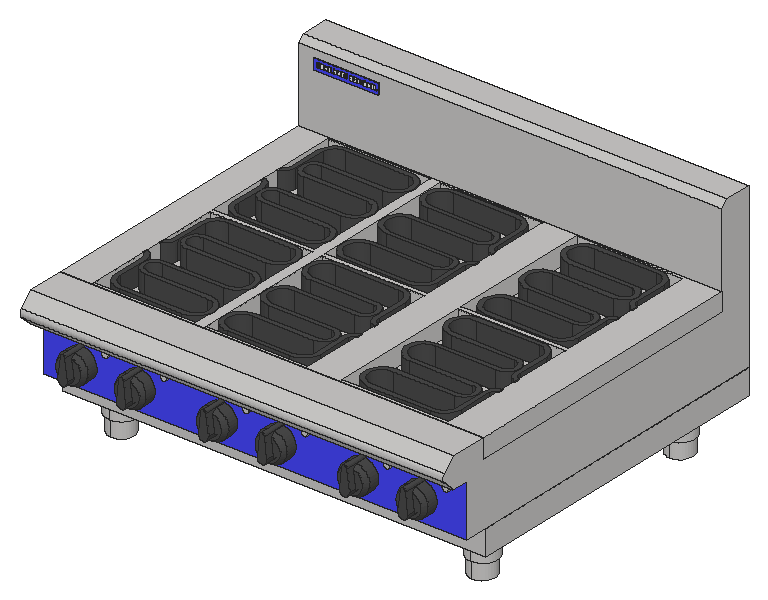
Revit family "QF_MOFFAT_BLUESEAL_CE_E516D-B", category Specialty Equipment, Revit 2012
Parameters
  Width [instance] = 900.0 mm  # constant formula
  Weight in Pounds = 198  # constant formula
  Watts = 14400 W
  Volts = 400 V
  URL Cutsheet = "www.moffat.com"
  URL = "www.moffat.com"
  Type Mark [instance] = ""
  Status [instance] = ""
  Specification by User [instance] = ""
  Specification by Manufacturer = ""
  Show Logo [instance] = yes
  Serial Number = ""
  Seismic Rating = ""
  SMACNA No = ""
  Revision Code [instance] = ""
  Phase = 3
  Omniclass Number and Title = ""
  Number of Poles = 1
  NAFEM Spec ID Number = ""
  Model = "E516D-B"
  Min Ckt Ampacity = 0 A
  Max Overcurrent Protection = 0 A
  Masterspec = ""
  Manufacturer = "MOFFAT BLUESEAL"
  Item Number [instance] = ""
  Installed By [instance] = ""
  Identify Quantity as Lot [instance] = yes
  Height [instance] = 370.0 mm  # constant formula
  HP = ""
  Furnished By [instance] = ""
  Foodservice Equipment Identifier [instance] = yes
  FL Amps = 20 A
  Electrical Remarks = "20A PER PHASE"
  Elec Conn RI Height = 0.0 mm
  Elec Conn Connection Height = 0.0 mm
  Description = "900MM ELECTRIC COOK TOP BENCH MOUNT"
  Depth [instance] = 812.0 mm  # constant formula
  Cycle = 50 Hz
  Conn Plug = ""
  Conn Conduit = yes
  CSI MasterFormat = ""
  CSI Master Format = ""
  Base Height [instance] = 85.0 mm
  Apparent Power = if(Phase = 3, Volts * FL Amps * 1.73, Volts * FL Amps)  # 13840 VA
Reference planes
  plane 1 "BACK": y = 0
  plane 2: z = 0
  plane 3 "LEFT": x = 0
  plane 4 "RIGHT": x = 900
  plane 5 "FRONT": y = -812
  plane 6 "TOP": z = 375
  plane 7 "Center Y": x = 450
  plane 8 "Center X": y = -406
  plane 9 "Base Height": z = 85
  plane 10: z = 485
  plane 11: y = -100
  plane 12: y = -625
  plane 13: x = 834.5
  plane 14: x = 65.5
Forms (mm)
  Extrusion 1, solid, material "QF_Finishes_Stainless Steel"
    sketch origin (0, 0, 0) x (0, 1, 0) y (0, 0, 1)
      loop
        line (0, 140) -> (0, 485) -> (-57.5, 485) -> (-70, 472.5) -> (-70, 275) -> (-705, 275) -> (-705, 315) -> (-783.97, 315) -> (-808.485, 290.485)
        arc (-808.485, 290.485) -> (-811.999, 282) -> (-808.485, 273.515) r 12
        line (-808.485, 273.515) -> (-784.97, 250) -> (-749, 250) -> (-749, 140) -> (0, 140)
      loop
        line (0, 85) -> (0, 139.206) -> (-699, 139.206) -> (-699, 85) -> (0, 85)
    from 0 to 900
  Revolve 2, solid, material "QF_Finishes_Stainless Steel"
    sketch origin (65.5, -210, 0) x (0, 1, 0) y (0, 0, 1)
      loop
        line (78.25, 85) -> (78.25, 35) -> (82.5, 35) -> (82.5, 0) -> (110, 0) -> (110, 85) -> (78.25, 85)
      axis (110, 85) -> (110, 0)
    angle from 0 to 360
  Extrusion 3, void
    sketch origin (0, -706, 139.206) x (0, 1, 0) y (-1, 0, 0)
      loop
        circle (674, -770) r 13.5
    from 0 to -86.704
  Revolve 4, solid, material "QF_Finishes_Black"
    sketch origin (87.5, 7, -6.7) x (0, 1, 0) y (0, 0, -1)
      loop
        line (-789, -234.5) -> (-766, -234.5) -> (-766, -207) -> (-756, -207) -> (-756, -202) -> (-800, -202) -> (-800, -228.651) -> (-789, -234.5)
      axis (-800, -202) -> (-756, -202)
    angle from 0 to 360
  Extrusion 5, solid, material "QF_Finishes_Black"
    sketch origin (225.77, 0, -6.542) x (-1, 0, 0) y (0, 0, -1)
      loop
        line (143.268, -233.955) -> (148.757, -189.87)
        arc (148.757, -189.87) -> (137.685, -179.371) -> (127.85, -191.037) r 10.487
        line (127.85, -191.037) -> (133.271, -233.955)
        arc (133.271, -233.955) -> (138.27, -238.842) -> (143.268, -233.955) r 5
    from 759 to 808
  Revolve 6, solid, material "QF_Finishes_Stainless Steel"
    sketch origin (65.5, -728, 0) x (0, 1, 0) y (0, 0, 1)
      loop
        line (71.25, 85) -> (71.25, 35) -> (75.5, 35) -> (75.5, 0) -> (103, 0) -> (103, 85) -> (71.25, 85)
      axis (103, 85) -> (103, 0)
    angle from 0 to 360
  Extrusion 7, solid, material "QF_Finishes_Stainless Steel"
    sketch origin (0, -706, 139.206) x (0, 1, 0) y (-1, 0, 0)
      loop
        circle (675, -769.75) r 6.35
    from 0 to -24.206
  Extrusion 8, solid, material "QF_Finishes_Stainless Steel"
    sketch origin (0, -749, 250) x (0, 0, -1) y (1, 0, 0)
      loop
        circle (24.7, 132.5) r 7.15
      loop
        circle (24.7, 257.5) r 7.15
      loop
        circle (24.7, 432.5) r 7.15
      loop
        circle (24.7, 557.5) r 7.15
      loop
        circle (24.7, 732.5) r 7.15
      loop
        circle (24.7, 857.5) r 7.15
    from 0 to 3.2
  Revolve 9, solid, material "QF_Finishes_Stainless Steel"
    sketch origin (834.5, -210, 0) x (0, 1, 0) y (0, 0, -1)
      loop
        line (78.25, -85) -> (110, -85) -> (110, 0) -> (82.5, 0) -> (82.5, -35) -> (78.25, -35) -> (78.25, -85)
      axis (110, -85) -> (110, 0)
    angle from 0 to 360
  Revolve 10, solid, material "QF_Finishes_Stainless Steel"
    sketch origin (834.5, -728, 0) x (0, 1, 0) y (0, 0, -1)
      loop
        line (71.25, -85) -> (103, -85) -> (103, 0) -> (75.5, 0) -> (75.5, -35) -> (71.25, -35) -> (71.25, -85)
      axis (103, -85) -> (103, 0)
    angle from 0 to 360
  Revolve 11, solid, material "QF_Finishes_Black"
    sketch origin (211.766, 7, -6.7) x (0, 1, 0) y (0, 0, -1)
      loop
        line (-789, -234.5) -> (-766, -234.5) -> (-766, -207) -> (-756, -207) -> (-756, -202) -> (-800, -202) -> (-800, -228.651) -> (-789, -234.5)
      axis (-800, -202) -> (-756, -202)
    angle from 0 to 360
  Extrusion 12, solid, material "QF_Finishes_Black"
    sketch origin (350.035, 0, -6.542) x (-1, 0, 0) y (0, 0, -1)
      loop
        line (143.268, -233.955) -> (148.757, -189.87)
        arc (148.757, -189.87) -> (137.685, -179.371) -> (127.85, -191.037) r 10.487
        line (127.85, -191.037) -> (133.271, -233.955)
        arc (133.271, -233.955) -> (138.27, -238.842) -> (143.268, -233.955) r 5
    from 759 to 808
  Revolve 13, solid, material "QF_Finishes_Black"
    sketch origin (386.766, 7, -6.7) x (0, 1, 0) y (0, 0, -1)
      loop
        line (-789, -234.5) -> (-766, -234.5) -> (-766, -207) -> (-756, -207) -> (-756, -202) -> (-800, -202) -> (-800, -228.651) -> (-789, -234.5)
      axis (-800, -202) -> (-756, -202)
    angle from 0 to 360
  Revolve 14, solid, material "QF_Finishes_Black"
    sketch origin (511.766, 7, -6.7) x (0, 1, 0) y (0, 0, -1)
      loop
        line (-789, -234.5) -> (-766, -234.5) -> (-766, -207) -> (-756, -207) -> (-756, -202) -> (-800, -202) -> (-800, -228.651) -> (-789, -234.5)
      axis (-800, -202) -> (-756, -202)
    angle from 0 to 360
  Revolve 15, solid, material "QF_Finishes_Black"
    sketch origin (686.766, 7, -6.7) x (0, 1, 0) y (0, 0, -1)
      loop
        line (-789, -234.5) -> (-766, -234.5) -> (-766, -207) -> (-756, -207) -> (-756, -202) -> (-800, -202) -> (-800, -228.651) -> (-789, -234.5)
      axis (-800, -202) -> (-756, -202)
    angle from 0 to 360
  Revolve 16, solid, material "QF_Finishes_Black"
    sketch origin (811.766, 7, -6.7) x (0, 1, 0) y (0, 0, -1)
      loop
        line (-789, -234.5) -> (-766, -234.5) -> (-766, -207) -> (-756, -207) -> (-756, -202) -> (-800, -202) -> (-800, -228.651) -> (-789, -234.5)
      axis (-800, -202) -> (-756, -202)
    angle from 0 to 360
  Extrusion 17, solid, material "QF_Finishes_Black"
    sketch origin (525.035, 0, -6.542) x (-1, 0, 0) y (0, 0, -1)
      loop
        line (143.268, -233.955) -> (148.757, -189.87)
        arc (148.757, -189.87) -> (137.685, -179.371) -> (127.85, -191.037) r 10.487
        line (127.85, -191.037) -> (133.271, -233.955)
        arc (133.271, -233.955) -> (138.27, -238.842) -> (143.268, -233.955) r 5
    from 759 to 808
  Extrusion 18, solid, material "QF_Finishes_Black"
    sketch origin (650.035, 0, -6.542) x (-1, 0, 0) y (0, 0, -1)
      loop
        line (143.268, -233.955) -> (148.757, -189.87)
        arc (148.757, -189.87) -> (137.685, -179.371) -> (127.85, -191.037) r 10.487
        line (127.85, -191.037) -> (133.271, -233.955)
        arc (133.271, -233.955) -> (138.27, -238.842) -> (143.268, -233.955) r 5
    from 759 to 808
  Extrusion 19, solid, material "QF_Finishes_Black"
    sketch origin (825.035, 0, -6.542) x (-1, 0, 0) y (0, 0, -1)
      loop
        line (143.268, -233.955) -> (148.757, -189.87)
        arc (148.757, -189.87) -> (137.685, -179.371) -> (127.85, -191.037) r 10.487
        line (127.85, -191.037) -> (133.271, -233.955)
        arc (133.271, -233.955) -> (138.27, -238.842) -> (143.268, -233.955) r 5
    from 759 to 808
  Extrusion 20, solid, material "QF_Finishes_Black"
    sketch origin (950.035, 0, -6.542) x (-1, 0, 0) y (0, 0, -1)
      loop
        line (143.268, -233.955) -> (148.757, -189.87)
        arc (148.757, -189.87) -> (137.685, -179.371) -> (127.85, -191.037) r 10.487
        line (127.85, -191.037) -> (133.271, -233.955)
        arc (133.271, -233.955) -> (138.27, -238.842) -> (143.268, -233.955) r 5
    from 759 to 808
Cuts and joins
  joined: Revolve 4, Extrusion 5
  Extrusion 3 cuts Extrusion 1
Lines and regions (mm)
  Split face 1
    outline origin (900, 0, 485) x (-1, 0, 0) y (0, -1, 0)
      loop
        arc (856, 18.385) -> (864.66, 23.385) -> (864.66, 33.385) r 10
        line (864.66, 33.385) -> (860.619, 40.385)
        arc (860.619, 40.385) -> (856.959, 44.045) -> (851.959, 45.385) r 10
        line (851.959, 45.385) -> (624, 45.385)
        arc (624, 45.385) -> (615.34, 40.385) -> (615.34, 30.385) r 10
        line (615.34, 30.385) -> (619.381, 23.385)
        arc (619.381, 23.385) -> (623.041, 19.725) -> (628.041, 18.385) r 10
        line (628.041, 18.385) -> (856, 18.385)
  Split face 2
    outline origin (900, 0, 485) x (-1, 0, 0) y (0, -1, 0)
      loop
        arc (276, 18.385) -> (284.66, 23.385) -> (284.66, 33.385) r 10
        line (284.66, 33.385) -> (280.619, 40.385)
        arc (280.619, 40.385) -> (276.959, 44.045) -> (271.959, 45.385) r 10
        line (271.959, 45.385) -> (44, 45.385)
        arc (44, 45.385) -> (35.34, 40.385) -> (35.34, 30.385) r 10
        line (35.34, 30.385) -> (39.381, 23.385)
        arc (39.381, 23.385) -> (43.041, 19.725) -> (48.041, 18.385) r 10
        line (48.041, 18.385) -> (276, 18.385)
  Split face 3
    outline origin (900, 0, 485) x (-1, 0, 0) y (0, -1, 0)
      loop
        arc (566, 18.385) -> (574.66, 23.385) -> (574.66, 33.385) r 10
        line (574.66, 33.385) -> (570.619, 40.385)
        arc (570.619, 40.385) -> (566.959, 44.045) -> (561.959, 45.385) r 10
        line (561.959, 45.385) -> (334, 45.385)
        arc (334, 45.385) -> (325.34, 40.385) -> (325.34, 30.385) r 10
        line (325.34, 30.385) -> (329.381, 23.385)
        arc (329.381, 23.385) -> (333.041, 19.725) -> (338.041, 18.385) r 10
        line (338.041, 18.385) -> (566, 18.385)
  symbolic lines
    curve 1: line (0, -812, 0) -> (900, -812, 0)
    curve 2: line (0, 0, 0) -> (0, -812, 0)
    curve 3: line (900, 0, 0) -> (0, 0, 0)
    curve 4: line (900, -812, 0) -> (900, 0, 0)
    curve 5: line (0, -57.5, 0) -> (900, -57.5, 0)
    curve 6: line (0, -70, 0) -> (900, -70, 0)
    curve 7: line (0, -783.97, 0) -> (900, -783.97, 0)
    curve 8: line (0, -705, 0) -> (900, -705, 0)
    curve 9: line (271.959, -18.385, 0) -> (44, -18.385, 0)
    curve 10: arc (44, -18.385, 0) -> (35.34, -23.385, 0) -> (35.34, -33.385, 0) r 10
    curve 11: line (35.34, -33.385, 0) -> (39.381, -40.385, 0)
    curve 12: arc (39.381, -40.385, 0) -> (43.041, -44.045, 0) -> (48.041, -45.385, 0) r 10
    curve 13: line (48.041, -45.385, 0) -> (276, -45.385, 0)
    curve 14: arc (276, -45.385, 0) -> (284.66, -40.385, 0) -> (284.66, -30.385, 0) r 10
    curve 15: line (284.66, -30.385, 0) -> (280.619, -23.385, 0)
    curve 16: arc (280.619, -23.385, 0) -> (276.959, -19.725, 0) -> (271.959, -18.385, 0) r 10
    curve 17: line (334, -18.385, 0) -> (561.959, -18.385, 0)
    curve 18: arc (561.959, -18.385, 0) -> (566.959, -19.725, 0) -> (570.619, -23.385, 0) r 10
    curve 19: line (570.619, -23.385, 0) -> (574.66, -30.385, 0)
    curve 20: arc (574.66, -30.385, 0) -> (574.66, -40.385, 0) -> (566, -45.385, 0) r 10
    curve 21: line (566, -45.385, 0) -> (338.041, -45.385, 0)
    curve 22: arc (338.041, -45.385, 0) -> (333.041, -44.045, 0) -> (329.381, -40.385, 0) r 10
    curve 23: line (329.381, -40.385, 0) -> (325.34, -33.385, 0)
    curve 24: arc (325.34, -33.385, 0) -> (325.34, -23.385, 0) -> (334, -18.385, 0) r 10
    curve 25: line (624, -18.385, 0) -> (851.959, -18.385, 0)
    curve 26: arc (851.959, -18.385, 0) -> (856.959, -19.725, 0) -> (860.619, -23.385, 0) r 10
    curve 27: line (860.619, -23.385, 0) -> (864.66, -30.385, 0)
    curve 28: arc (864.66, -30.385, 0) -> (864.66, -40.385, 0) -> (856, -45.385, 0) r 10
    curve 29: line (856, -45.385, 0) -> (628.041, -45.385, 0)
    curve 30: arc (628.041, -45.385, 0) -> (623.041, -44.045, 0) -> (619.381, -40.385, 0) r 10
    curve 31: line (619.381, -40.385, 0) -> (615.34, -33.385, 0)
    curve 32: arc (615.34, -33.385, 0) -> (615.34, -23.385, 0) -> (624, -18.385, 0) r 10
Dimensions and locks
  equal spacing: plane 3 "LEFT", plane 7 "Center Y", plane 4 "RIGHT"
  "Width": plane 3 "LEFT" to plane 4 "RIGHT"
  equal spacing: plane 5 "FRONT", plane 8 "Center X", plane 1 "BACK"
  "Depth": plane 5 "FRONT" to plane 1 "BACK"
  "Base Height": plane 9 "Base Height" to level
  locked: plane 6 "TOP" to plane 9 "Base Height" at 290
  plane 6 "TOP" to level = 375.0 mm
  locked: plane 10 to plane 2 at 485
  Extrusion 7 sketch curve to plane 1 "BACK" = 31.0 mm
  cut or joined group of Extrusion 1, Extrusion 3 to plane 2 = 315.0 mm
  aligned and locked: level to plane 2
  aligned and locked: Revolve 2 sketch curve to plane 9 "Base Height"
  aligned and locked: cut or joined group of Extrusion 1, Extrusion 3 to plane 4 "RIGHT"
Automatic sketch dimensions
  curve 1 to plane 3 "LEFT" = 0.0 mm
  curve 4 to plane 4 "RIGHT" = 0.0 mm
  plane 5 "FRONT" to curve 1 = 0.0 mm
  plane 1 "BACK" to curve 3 = 0.0 mm
  curve 11 to plane 14 = 30.16 mm
  curve 11 to curve 12 = 4.041 mm
  curve 10 to curve 9 = 8.66 mm
  curve 11 to curve 12 = 8.66 mm
  plane 1 "BACK" to curve 16 = 28.385 mm
  curve 16 to plane 7 "Center Y" = 178.041 mm
  curve 16 to curve 14 = 4.041 mm  (x2)
  plane 1 "BACK" to curve 15 = 23.385 mm
  curve 9 to curve 15 = 8.66 mm
  plane 1 "BACK" to curve 23 = 33.385 mm
  curve 15 to curve 23 = 40.679 mm
  curve 24 to curve 22 = 4.041 mm  (x2)
  curve 24 to curve 24 = 8.66 mm
  plane 1 "BACK" to curve 18 = 18.385 mm
  plane 7 "Center Y" to curve 18 = 111.959 mm
  curve 18 to curve 21 = 4.041 mm
  curve 17 to curve 18 = 8.66 mm
  plane 1 "BACK" to curve 19 = 30.385 mm
  curve 18 to curve 19 = 4.041 mm
  plane 1 "BACK" to curve 31 = 33.385 mm
  curve 19 to curve 31 = 40.679 mm
  plane 1 "BACK" to curve 31 = 40.385 mm
  curve 31 to curve 31 = 4.041 mm
  curve 32 to curve 32 = 8.66 mm
  curve 31 to curve 30 = 8.66 mm
  plane 13 to curve 26 = 17.459 mm
  curve 26 to curve 29 = 4.041 mm
  curve 25 to curve 27 = 8.66 mm
  curve 26 to curve 27 = 4.041 mm
  curve 7 to plane 5 "FRONT" = 28.03 mm
  curve 7 to curve 8 = 78.97 mm
  plane 11 to curve 6 = 30.0 mm
  curve 6 to curve 5 = 12.5 mm
  curve 21 to curve 24 = 17.0 mm
  plane 1 "BACK" to curve 28 = 45.385 mm
  curve 14 to curve 16 = 17.0 mm
  curve 13 to curve 12 = 5.0 mm
  curve 22 to curve 24 = 7.0 mm
  curve 29 to curve 28 = 10.0 mm
  curve 14 to curve 16 = 7.0 mm
  curve 12 to curve 10 = 7.0 mm
  curve 28 to curve 26 = 7.0 mm
  curve 30 to curve 32 = 7.0 mm
  curve 20 to curve 18 = 7.0 mm
  Extrusion 1 sketch curve to plane 9 "Base Height" = 0.0 mm
  Extrusion 1 sketch curve to plane 10 = 0.0 mm
  Extrusion 1 sketch curve to plane 1 "BACK" = 0.0 mm  (x2)
  plane 11 to Extrusion 1 sketch curve = 42.5 mm
  Extrusion 1 sketch curve to plane 10 = 12.5 mm
  Extrusion 1 sketch curve to Extrusion 1 sketch curve = 12.5 mm
  Extrusion 1 sketch curve to plane 12 = 74.0 mm
  Extrusion 1 sketch curve to plane 12 = 80.0 mm
  Extrusion 1 sketch curve to Extrusion 1 sketch curve = 44.0 mm
  Extrusion 1 sketch curve to plane 5 "FRONT" = 28.03 mm
  Extrusion 1 sketch curve to plane 5 "FRONT" = 27.03 mm
  Extrusion 1 sketch curve to plane 5 "FRONT" = 12.001 mm
  Extrusion 1 sketch curve to plane 5 "FRONT" = 3.515 mm  (x2)
  plane 9 "Base Height" to Extrusion 1 sketch curve = 54.206 mm
  Extrusion 1 sketch curve to Extrusion 1 sketch curve = 0.794 mm
  Extrusion 1 sketch curve to Extrusion 1 sketch curve = 110.0 mm
  Extrusion 1 sketch curve to Extrusion 1 sketch curve = 23.515 mm
  Extrusion 1 sketch curve to Extrusion 1 sketch curve = 25.0 mm
  Extrusion 1 sketch curve to Extrusion 1 sketch curve = 8.485 mm
  Extrusion 1 sketch curve to Extrusion 1 sketch curve = 24.515 mm
  Revolve 2 sketch curve to level = 0.0 mm
  Revolve 2 sketch curve to plane 11 = 0.0 mm  (x2)
  Revolve 2 sketch curve to Revolve 2 sketch curve = 27.5 mm
  Revolve 2 sketch curve to Revolve 2 sketch curve = 31.75 mm
  Revolve 2 sketch curve to Revolve 2 sketch curve = 55.0 mm
  level to Revolve 2 sketch curve = 35.0 mm
  Revolve 2 sketch curve to plane 9 "Base Height" = 30.0 mm
  Extrusion 1 to Extrusion 3 sketch curve = 32.0 mm
  Extrusion 1 to Extrusion 3 sketch curve = 130.0 mm
  Revolve 4 sketch curve to plane 5 "FRONT" = 19.0 mm
  Revolve 4 sketch curve to Revolve 4 sketch curve = 0.0 mm  (x2)
  Revolve 4 sketch curve to Revolve 4 sketch curve = 11.0 mm
  Revolve 4 sketch curve to Revolve 4 sketch curve = 12.7 mm
  Revolve 4 sketch curve to Revolve 4 sketch curve = 23.0 mm
  Revolve 4 sketch curve to Revolve 4 sketch curve = 10.0 mm
  plane 9 "Base Height" to Revolve 4 sketch curve = 142.8 mm
  Revolve 4 sketch curve to Revolve 4 sketch curve = 5.849 mm
  Revolve 4 sketch curve to Revolve 4 sketch curve = 27.5 mm
  Revolve 4 sketch curve to Revolve 4 sketch curve = 5.0 mm
  plane 14 to Extrusion 5 sketch curve = 32.419 mm
  plane 14 to Extrusion 5 sketch curve = 26.999 mm
  Extrusion 5 sketch curve to Extrusion 5 sketch curve = 4.999 mm  (x2)
  Extrusion 5 sketch curve to Extrusion 5 sketch curve = 10.419 mm
  Extrusion 5 sketch curve to Extrusion 5 sketch curve = 10.487 mm
  plane 9 "Base Height" to Extrusion 5 sketch curve = 142.413 mm
  Extrusion 5 sketch curve to Extrusion 5 sketch curve = 0.113 mm
  Extrusion 5 sketch curve to Extrusion 5 sketch curve = 42.919 mm
  Extrusion 5 sketch curve to Extrusion 5 sketch curve = 1.167 mm
  Revolve 6 sketch curve to plane 9 "Base Height" = 0.0 mm
  Revolve 6 sketch curve to level = 0.0 mm
  Revolve 6 sketch curve to plane 12 = 0.0 mm  (x2)
  Revolve 6 sketch curve to Revolve 6 sketch curve = 27.5 mm
  Revolve 6 sketch curve to Revolve 6 sketch curve = 31.75 mm
  Revolve 6 sketch curve to level = 55.0 mm
  Revolve 6 sketch curve to Revolve 6 sketch curve = 35.0 mm
  Revolve 6 sketch curve to Revolve 6 sketch curve = 30.0 mm
  Extrusion 1 to Extrusion 7 sketch curve = 130.25 mm
  Split face 1 sketch curve to cut or joined group of Extrusion 1, Extrusion 3 = 27.115 mm
  Split face 1 sketch curve to cut or joined group of Extrusion 1, Extrusion 3 = 284.66 mm
  Split face 1 sketch curve to Split face 1 sketch curve = 4.041 mm  (x4)
  Split face 1 sketch curve to Split face 1 sketch curve = 8.66 mm  (x2)
  Split face 1 sketch curve to cut or joined group of Extrusion 1, Extrusion 3 = 12.115 mm
  Split face 1 sketch curve to cut or joined group of Extrusion 1, Extrusion 3 = 48.041 mm
  Split face 1 sketch curve to Split face 1 sketch curve = 7.0 mm  (x3)
  Split face 1 sketch curve to Split face 1 sketch curve = 17.0 mm
  Split face 2 sketch curve to cut or joined group of Extrusion 1, Extrusion 3 = 35.34 mm
  Split face 2 sketch curve to Split face 2 sketch curve = 4.041 mm  (x4)
  Split face 2 sketch curve to Split face 2 sketch curve = 8.66 mm  (x2)
  Split face 2 sketch curve to cut or joined group of Extrusion 1, Extrusion 3 = 12.115 mm
  Split face 2 sketch curve to Split face 2 sketch curve = 223.917 mm
  Split face 2 sketch curve to Split face 2 sketch curve = 5.0 mm
  Split face 2 sketch curve to Split face 2 sketch curve = 10.0 mm
  Split face 2 sketch curve to Split face 2 sketch curve = 7.0 mm  (x3)
  Extrusion 1 to Extrusion 8 sketch curve = 24.7 mm  (x6)
  Extrusion 1 to Extrusion 8 sketch curve = 132.5 mm
  Extrusion 8 sketch curve to Extrusion 8 sketch curve = 125.0 mm  (x2)
  Extrusion 8 sketch curve to Extrusion 8 sketch curve = 175.0 mm
  Extrusion 1 to Extrusion 8 sketch curve = 167.5 mm
  Extrusion 1 to Extrusion 8 sketch curve = 42.5 mm
  Revolve 9 sketch curve to plane 9 "Base Height" = 0.0 mm
  Revolve 9 sketch curve to level = 0.0 mm
  Revolve 9 sketch curve to plane 11 = 0.0 mm  (x2)
  Revolve 9 sketch curve to Revolve 9 sketch curve = 27.5 mm
  Revolve 9 sketch curve to Revolve 9 sketch curve = 31.75 mm
  Revolve 9 sketch curve to plane 9 "Base Height" = 30.0 mm
  Revolve 9 sketch curve to Revolve 9 sketch curve = 20.0 mm
  Revolve 9 sketch curve to level = 55.0 mm
  Revolve 10 sketch curve to plane 9 "Base Height" = 0.0 mm
  Revolve 10 sketch curve to level = 0.0 mm
  Revolve 10 sketch curve to plane 12 = 0.0 mm  (x2)
  Revolve 10 sketch curve to Revolve 10 sketch curve = 27.5 mm
  Revolve 10 sketch curve to Revolve 10 sketch curve = 31.75 mm
  Revolve 10 sketch curve to Revolve 10 sketch curve = 30.0 mm
  Revolve 10 sketch curve to Revolve 10 sketch curve = 20.0 mm
  Revolve 10 sketch curve to level = 55.0 mm
  Revolve 11 sketch curve to plane 5 "FRONT" = 19.0 mm
  Revolve 11 sketch curve to Revolve 11 sketch curve = 0.0 mm  (x2)
  Revolve 11 sketch curve to Revolve 11 sketch curve = 11.0 mm
  Revolve 11 sketch curve to Revolve 11 sketch curve = 12.7 mm
  Revolve 11 sketch curve to Revolve 11 sketch curve = 23.0 mm
  Revolve 11 sketch curve to Revolve 11 sketch curve = 10.0 mm
  plane 9 "Base Height" to Revolve 11 sketch curve = 142.8 mm
  Revolve 11 sketch curve to Revolve 11 sketch curve = 5.849 mm
  Revolve 11 sketch curve to Revolve 11 sketch curve = 27.5 mm
  Revolve 11 sketch curve to Revolve 11 sketch curve = 5.0 mm
  plane 14 to Extrusion 12 sketch curve = 156.685 mm
  Extrusion 12 sketch curve to Extrusion 12 sketch curve = 5.421 mm
  Extrusion 12 sketch curve to Extrusion 12 sketch curve = 4.999 mm  (x2)
  Extrusion 12 sketch curve to Extrusion 12 sketch curve = 10.419 mm
  plane 9 "Base Height" to Extrusion 12 sketch curve = 98.328 mm
  Extrusion 12 sketch curve to Extrusion 12 sketch curve = 10.487 mm
  Extrusion 12 sketch curve to Extrusion 12 sketch curve = 1.167 mm
  Extrusion 12 sketch curve to Extrusion 12 sketch curve = 44.0 mm
  Extrusion 12 sketch curve to Extrusion 12 sketch curve = 0.113 mm
  Revolve 13 sketch curve to plane 5 "FRONT" = 19.0 mm
  Revolve 13 sketch curve to Revolve 13 sketch curve = 0.0 mm  (x2)
  Revolve 13 sketch curve to Revolve 13 sketch curve = 11.0 mm
  Revolve 13 sketch curve to Revolve 13 sketch curve = 12.7 mm
  Revolve 13 sketch curve to Revolve 13 sketch curve = 23.0 mm
  Revolve 13 sketch curve to Revolve 13 sketch curve = 10.0 mm
  plane 9 "Base Height" to Revolve 13 sketch curve = 142.8 mm
  Revolve 13 sketch curve to Revolve 13 sketch curve = 5.849 mm
  Revolve 13 sketch curve to Revolve 13 sketch curve = 27.5 mm
  Revolve 13 sketch curve to Revolve 13 sketch curve = 5.0 mm
  Revolve 14 sketch curve to plane 5 "FRONT" = 19.0 mm
  Revolve 14 sketch curve to Revolve 14 sketch curve = 0.0 mm  (x2)
  Revolve 14 sketch curve to Revolve 14 sketch curve = 11.0 mm
  Revolve 14 sketch curve to Revolve 14 sketch curve = 12.7 mm
  Revolve 14 sketch curve to Revolve 14 sketch curve = 23.0 mm
  Revolve 14 sketch curve to Revolve 14 sketch curve = 10.0 mm
  plane 9 "Base Height" to Revolve 14 sketch curve = 142.8 mm
  Revolve 14 sketch curve to Revolve 14 sketch curve = 5.849 mm
  Revolve 14 sketch curve to Revolve 14 sketch curve = 27.5 mm
  Revolve 14 sketch curve to Revolve 14 sketch curve = 5.0 mm
  Revolve 15 sketch curve to plane 5 "FRONT" = 19.0 mm
  Revolve 15 sketch curve to Revolve 15 sketch curve = 0.0 mm  (x2)
  Revolve 15 sketch curve to Revolve 15 sketch curve = 11.0 mm
  Revolve 15 sketch curve to Revolve 15 sketch curve = 12.7 mm
  Revolve 15 sketch curve to Revolve 15 sketch curve = 23.0 mm
  Revolve 15 sketch curve to Revolve 15 sketch curve = 10.0 mm
  plane 9 "Base Height" to Revolve 15 sketch curve = 142.8 mm
  Revolve 15 sketch curve to Revolve 15 sketch curve = 5.849 mm
  Revolve 15 sketch curve to Revolve 15 sketch curve = 27.5 mm
  Revolve 15 sketch curve to Revolve 15 sketch curve = 5.0 mm
  Revolve 16 sketch curve to plane 5 "FRONT" = 19.0 mm
  Revolve 16 sketch curve to Revolve 16 sketch curve = 0.0 mm  (x2)
  Revolve 16 sketch curve to Revolve 16 sketch curve = 11.0 mm
  Revolve 16 sketch curve to Revolve 16 sketch curve = 12.7 mm
  Revolve 16 sketch curve to Revolve 16 sketch curve = 23.0 mm
  Revolve 16 sketch curve to Revolve 16 sketch curve = 10.0 mm
  plane 9 "Base Height" to Revolve 16 sketch curve = 142.8 mm
  Revolve 16 sketch curve to Revolve 16 sketch curve = 5.849 mm
  Revolve 16 sketch curve to Revolve 16 sketch curve = 27.5 mm
  Revolve 16 sketch curve to Revolve 16 sketch curve = 5.0 mm
  Split face 3 sketch curve to cut or joined group of Extrusion 1, Extrusion 3 = 27.115 mm
  Split face 3 sketch curve to cut or joined group of Extrusion 1, Extrusion 3 = 325.34 mm
  Split face 3 sketch curve to Split face 3 sketch curve = 4.041 mm  (x4)
  Split face 3 sketch curve to Split face 3 sketch curve = 8.66 mm  (x2)
  Split face 3 sketch curve to cut or joined group of Extrusion 1, Extrusion 3 = 12.115 mm
  Split face 3 sketch curve to Split face 3 sketch curve = 223.917 mm
  Split face 3 sketch curve to Split face 3 sketch curve = 7.0 mm  (x3)
  Split face 3 sketch curve to Split face 3 sketch curve = 17.0 mm
  Extrusion 17 sketch curve to plane 7 "Center Y" = 52.815 mm
  Extrusion 17 sketch curve to Extrusion 17 sketch curve = 5.421 mm
  Extrusion 17 sketch curve to Extrusion 17 sketch curve = 4.999 mm  (x2)
  Extrusion 17 sketch curve to Extrusion 17 sketch curve = 10.419 mm
  Extrusion 17 sketch curve to Extrusion 17 sketch curve = 10.487 mm
  plane 9 "Base Height" to Extrusion 17 sketch curve = 142.413 mm
  Extrusion 17 sketch curve to Extrusion 17 sketch curve = 0.113 mm
  Extrusion 17 sketch curve to Extrusion 17 sketch curve = 42.919 mm
  Extrusion 17 sketch curve to Extrusion 17 sketch curve = 1.167 mm
  plane 7 "Center Y" to Extrusion 18 sketch curve = 72.185 mm
  Extrusion 18 sketch curve to Extrusion 18 sketch curve = 5.421 mm
  Extrusion 18 sketch curve to Extrusion 18 sketch curve = 4.999 mm  (x2)
  Extrusion 18 sketch curve to Extrusion 18 sketch curve = 10.419 mm
  Extrusion 18 sketch curve to Extrusion 18 sketch curve = 10.487 mm
  plane 9 "Base Height" to Extrusion 18 sketch curve = 142.413 mm
  Extrusion 18 sketch curve to Extrusion 18 sketch curve = 0.113 mm
  Extrusion 18 sketch curve to Extrusion 18 sketch curve = 42.919 mm
  Extrusion 18 sketch curve to Extrusion 18 sketch curve = 1.167 mm
  Extrusion 19 sketch curve to plane 13 = 137.315 mm
  Extrusion 19 sketch curve to Extrusion 19 sketch curve = 5.421 mm
  Extrusion 19 sketch curve to Extrusion 19 sketch curve = 4.999 mm  (x2)
  Extrusion 19 sketch curve to Extrusion 19 sketch curve = 10.419 mm
  plane 9 "Base Height" to Extrusion 19 sketch curve = 142.413 mm
  plane 9 "Base Height" to Extrusion 19 sketch curve = 98.328 mm
  Extrusion 19 sketch curve to Extrusion 19 sketch curve = 10.487 mm
  Extrusion 19 sketch curve to Extrusion 19 sketch curve = 0.113 mm
  Extrusion 19 sketch curve to Extrusion 19 sketch curve = 1.167 mm
  Extrusion 20 sketch curve to plane 13 = 12.315 mm
  Extrusion 20 sketch curve to plane 13 = 17.736 mm
  Extrusion 20 sketch curve to Extrusion 20 sketch curve = 4.999 mm  (x2)
  Extrusion 20 sketch curve to Extrusion 20 sketch curve = 10.419 mm
  Extrusion 20 sketch curve to Extrusion 20 sketch curve = 10.487 mm
  plane 9 "Base Height" to Extrusion 20 sketch curve = 142.413 mm
  Extrusion 20 sketch curve to Extrusion 20 sketch curve = 0.113 mm
  Extrusion 20 sketch curve to Extrusion 20 sketch curve = 42.919 mm
  Extrusion 20 sketch curve to Extrusion 20 sketch curve = 1.167 mm
  radius of Extrusion 3 sketch curve = 13.5 mm
  radius of Extrusion 7 sketch curve = 6.35 mm
  radius of Extrusion 8 sketch curve = 7.15 mm  (x6)
Nested families
  nested 1: "WALDORF LOGO_FACE BASE" at (32, -70, 456.885) x (1, 0, 0) z (0, -1, 0), visible <- "Show Logo", type "WALDORF LOGO_FACE BASE", detail levels medium+fine
    with Show Logo yes
  nested 2: "ELECTRIC BURNER 900" at (0, -70, 275), type "ELECTRIC BURNER 900"
    with Width 900.0 mm, Type Mark "", Status "", Specification by User "", Revision Code "", Item Number "", Installed By "", Identify Quantity as Lot yes, Furnished By "", Foodservice Equipment Identifier yes, Depth 635.0 mm
Connectors
  electrical at (769.75, -31, 115), driven by "Volts", driven by "Watts"
    settings: on Extrusion 7, index 1, voltage 400 V, apparent load 14400 VA, apparent load phase1 0 VA, apparent load phase2 0 VA, apparent load phase3 0 VA, power factor 1, load classification "Other", number of poles 1, system type 30, power factor state 1, is connector primary yes, connector utility no, sub classification motor no, connector description "ELECTRICAL CONNECTION"
Definition of nested family "WALDORF LOGO_FACE BASE"
  Parameters (values of type "WALDORF LOGO_FACE BASE")
    Show Logo [instance] = yes
    Default Elevation = 1219.2 mm
  Reference planes
    plane 1 "Center (Front/Back)": y = 0
    plane 2: z = 0
    plane 3 "Center (Left/Right)": x = 0
  Forms (mm)
    Extrusion 1, solid
      sketch origin (0, 0, 0) x (1, 0, 0) y (0, 1, 0)
        loop
          line (-1219.2, 1219.2) -> (-1219.2, -1219.2) -> (1219.2, -1219.2) -> (1219.2, 1219.2) -> (-1219.2, 1219.2)
      from 0 to -304.8
    Extrusion 2, solid, material "QF_Finishes_Blue", visible <- "Show Logo"
      sketch origin (0, -33.217, 0) x (1, 0, 0) y (0, 1, 0)
        loop
          arc (138, 31.942) -> (137.626, 32.844) -> (136.724, 33.217) r 1.276
          line (136.724, 33.217) -> (1.29, 33.217)
          arc (1.29, 33.217) -> (0.378, 32.839) -> (0, 31.927) r 1.29
          line (0, 31.927) -> (0, 11.507)
          arc (0, 11.507) -> (0.378, 10.595) -> (1.29, 10.217) r 1.29
          line (1.29, 10.217) -> (136.71, 10.217)
          arc (136.71, 10.217) -> (137.622, 10.595) -> (138, 11.507) r 1.29
          line (138, 11.507) -> (138, 31.942)
      from 0 to 1.588
    Extrusion 3, solid, material "QF_Finishes_White", visible <- "Show Logo"
      sketch origin (0, -33.217, 1.588) x (1, 0, 0) y (0, 1, 0)
        loop
          arc (108.946, 25.919) -> (107.613, 25.367) -> (107.061, 24.034) r 1.885
          line (107.061, 24.034) -> (107.061, 17.211) -> (112.704, 17.211) -> (112.704, 19.129) -> (115.546, 19.129) -> (115.546, 17.211) -> (121.584, 17.211) -> (121.584, 24.075)
          arc (121.584, 24.075) -> (121.043, 25.379) -> (119.739, 25.919) r 1.845
          line (119.739, 25.919) -> (108.946, 25.919)
        loop
          line (123.478, 25.919) -> (123.478, 17.163) -> (134.904, 17.163) -> (134.904, 19.129) -> (129.246, 19.129) -> (129.246, 25.919) -> (123.478, 25.919)
        loop
          line (112.704, 21.258) -> (115.546, 21.258) -> (115.546, 22.702)
          arc (115.546, 22.702) -> (115.344, 23.188) -> (114.858, 23.389) r 0.687
          line (114.858, 23.389) -> (113.363, 23.389)
          arc (113.363, 23.389) -> (112.897, 23.196) -> (112.704, 22.73) r 0.658
          line (112.704, 22.73) -> (112.704, 21.258)
        loop
          line (105.071, 25.919) -> (93.771, 25.919) -> (93.771, 17.163) -> (105.071, 17.163) -> (105.071, 19.063) -> (99.535, 19.063) -> (99.535, 20.437) -> (105.071, 20.437) -> (105.071, 22.278) -> (99.535, 22.278) -> (99.535, 23.587) -> (105.071, 23.587) -> (105.071, 25.919)
        loop
          line (91.104, 25.919) -> (79.541, 25.919)
          arc (79.541, 25.919) -> (78.558, 25.513) -> (78.152, 24.53) r 1.389
          line (78.152, 24.53) -> (78.152, 22.08)
          arc (78.152, 22.08) -> (78.558, 21.098) -> (79.541, 20.691) r 1.389
          line (79.541, 20.691) -> (86.346, 20.691) -> (86.346, 18.864) -> (83.266, 18.864) -> (83.266, 19.664) -> (78.152, 19.664) -> (78.152, 18.553)
          arc (78.152, 18.553) -> (78.558, 17.57) -> (79.541, 17.163) r 1.389
          line (79.541, 17.163) -> (91.063, 17.163)
          arc (91.063, 17.163) -> (92.045, 17.57) -> (92.452, 18.553) r 1.389
          line (92.452, 18.553) -> (92.452, 20.691)
          arc (92.452, 20.691) -> (92.045, 21.673) -> (91.063, 22.08) r 1.389
          line (91.063, 22.08) -> (83.266, 22.08) -> (83.266, 23.984) -> (86.346, 23.984) -> (86.346, 22.743) -> (92.452, 22.743) -> (92.452, 24.571)
          arc (92.452, 24.571) -> (92.057, 25.524) -> (91.104, 25.919) r 1.348
        loop
          line (70.705, 25.919) -> (59.405, 25.919) -> (59.405, 17.163) -> (70.705, 17.163) -> (70.705, 19.063) -> (65.169, 19.063) -> (65.169, 20.437) -> (70.705, 20.437) -> (70.705, 22.278) -> (65.169, 22.278) -> (65.169, 23.587) -> (70.705, 23.587) -> (70.705, 25.919)
        loop
          line (57.598, 25.919) -> (51.7, 25.919) -> (51.7, 20.18)
          arc (51.7, 20.18) -> (50.63, 19.11) -> (49.56, 20.18) r 1.07
          line (49.56, 20.18) -> (49.56, 25.919) -> (43.663, 25.919) -> (43.663, 19.049)
          arc (43.663, 19.049) -> (44.215, 17.716) -> (45.548, 17.163) r 1.885
          line (45.548, 17.163) -> (55.71, 17.163)
          arc (55.71, 17.163) -> (57.045, 17.716) -> (57.598, 19.051) r 1.887
          line (57.598, 19.051) -> (57.598, 25.919)
        loop
          line (31.62, 25.919) -> (31.62, 17.163) -> (43.046, 17.163) -> (43.046, 19.129) -> (37.388, 19.129) -> (37.388, 25.919) -> (31.62, 25.919)
        loop
          line (15.969, 25.919) -> (15.969, 17.163) -> (28.693, 17.163)
          arc (28.693, 17.163) -> (29.812, 17.627) -> (30.276, 18.746) r 1.582
          line (30.276, 18.746) -> (30.276, 20.447) -> (29.48, 21.243) -> (30.276, 22.039) -> (30.276, 24.332)
          arc (30.276, 24.332) -> (29.811, 25.454) -> (28.688, 25.919) r 1.587
          line (28.688, 25.919) -> (15.969, 25.919)
        loop
          line (21.449, 24.159) -> (21.449, 22.436) -> (23.862, 22.436)
          arc (23.862, 22.436) -> (24.723, 23.298) -> (23.862, 24.159) r 0.861
          line (23.862, 24.159) -> (21.449, 24.159)
        loop
          line (21.449, 20.244) -> (21.449, 18.522) -> (23.862, 18.522)
          arc (23.862, 18.522) -> (24.723, 19.383) -> (23.862, 20.244) r 0.861
          line (23.862, 20.244) -> (21.449, 20.244)
      from 0 to 0.2
    Extrusion 4, solid, material "QF_Finishes_Blue", visible <- "Show Logo"
      sketch origin (-126.498, -31.09, 1.588) x (1, 0, 0) y (0, 1, 0)
        loop
          line (136.738, 23.522) -> (136.738, 15.1)
          arc (136.738, 15.1) -> (140.756, 19.311) -> (136.738, 23.522) r 4.216
      from 0 to 0.2
    Extrusion 5, solid, material "QF_Finishes_Red", visible <- "Show Logo"
      sketch origin (146.849, -31.09, 1.588) x (-1, 0, 0) y (0, -1, 0)
        loop
          arc (136.738, -23.522) -> (140.756, -19.311) -> (136.738, -15.1) r 4.216
          line (136.738, -15.1) -> (136.738, -23.522)
      from 0 to 0.2
  Lines and regions (mm)
    Split face 1
      outline origin (-90.35, -30.793, 1.588) x (1, 0, 0) y (0, 1, 0)
        loop
          circle (100.54, 19.013) r 4.536
  Dimensions and locks
    aligned and locked: plane 2 to Extrusion 1
    aligned and locked: level to Extrusion 1
Definition of nested family "ELECTRIC BURNER 900"
  Parameters (values of type "ELECTRIC BURNER 900")
    Width [instance] = 900.0 mm
    Weight in Pounds = 0
    URL Cutsheet = ""
    Type Mark [instance] = ""
    Status [instance] = ""
    Specification by User [instance] = ""
    Specification by Manufacturer = ""
    Serial Number = ""
    Seismic Rating = ""
    SMACNA No = ""
    Revision Code [instance] = ""
    Omniclass Number and Title = ""
    NAFEM Spec ID Number = ""
    Masterspec = ""
    Item Number [instance] = ""
    Installed By [instance] = ""
    Identify Quantity as Lot [instance] = yes
    Furnished By [instance] = ""
    Foodservice Equipment Identifier [instance] = yes
    Depth [instance] = 635.0 mm
    CSI MasterFormat = ""
    CSI Master Format = ""
  Reference planes
    plane 1 "BACK": y = 0
    plane 2: z = 0
    plane 3 "LEFT": x = 0
    plane 4 "RIGHT": x = 900
    plane 5 "FRONT": y = -635
    plane 6 "TOP": z = 142.5
    plane 7 "Center Y": x = 450
    plane 8 "Center X": y = -317.5
    plane 9: x = 65.8
    plane 10: y = 70
  Forms (mm)
    Extrusion 1, solid, material "QF_Finishes_Stainless Steel"
      sketch origin (0, 1, 0) x (0, -1, 0) y (1, 0, 0)
        loop
          line (1, 0) -> (636, 0) -> (636, 900) -> (1, 900) -> (1, 0)
        loop
          line (631, 65.8) -> (631, 284.362) -> (321.251, 284.362) -> (321.251, 65.8) -> (631, 65.8)
        loop
          line (6, 594.362) -> (313.651, 594.362) -> (313.651, 823.112) -> (6, 823.112) -> (6, 594.362)
        loop
          line (631, 823.112) -> (321.251, 823.112) -> (321.251, 594.362) -> (631, 594.362) -> (631, 823.112)
        loop
          line (313.651, 284.362) -> (6, 284.362) -> (6, 65.8) -> (313.651, 65.8) -> (313.651, 284.362)
        loop
          line (631, 523.112) -> (321.251, 523.112) -> (321.251, 304.362) -> (631, 304.362) -> (631, 523.112)
        loop
          line (313.651, 523.112) -> (6, 523.112) -> (6, 304.362) -> (313.651, 304.362) -> (313.651, 523.112)
      from 0 to 40
    Extrusion 2, solid, material "QF_Finishes_Black"
      sketch origin (0, 15.7, 0) x (0, -1, 0) y (1, 0, 0)
        loop
          arc (156.993, 65.612) -> (148.172, 80.048) -> (132.304, 85.912) r 25.79
          line (132.304, 85.912) -> (61.096, 85.912)
          arc (61.096, 85.912) -> (42.545, 94.459) -> (35.45, 113.612) r 26.722
          line (35.45, 113.612) -> (35.45, 246.212)
          arc (35.45, 246.212) -> (63.15, 273.912) -> (90.85, 246.212) r 27.7
          line (90.85, 246.212) -> (90.85, 113.769)
          arc (90.85, 113.769) -> (118.55, 86.069) -> (146.25, 113.769) r 27.7
          line (146.25, 113.769) -> (146.25, 246.212)
          arc (146.25, 246.212) -> (173.95, 273.912) -> (201.65, 246.212) r 27.7
          line (201.65, 246.212) -> (201.65, 114.237)
          arc (201.65, 114.237) -> (229.35, 86.537) -> (257.05, 114.237) r 27.7
          line (257.05, 114.237) -> (257.05, 246.212)
          arc (257.05, 246.212) -> (284.75, 273.912) -> (312.45, 246.212) r 27.7
          line (312.45, 246.212) -> (312.45, 113.612)
          arc (312.45, 113.612) -> (305.355, 94.459) -> (286.804, 85.912) r 26.722
          line (286.804, 85.912) -> (215.596, 85.912)
          arc (215.596, 85.912) -> (199.705, 80.037) -> (190.819, 65.612) r 25.973
          line (190.819, 65.612) -> (201.232, 65.612)
          arc (201.232, 65.612) -> (206.91, 72.964) -> (215.719, 75.912) r 15.973
          line (215.719, 75.912) -> (286.986, 75.912)
          arc (286.986, 75.912) -> (312.551, 87.513) -> (322.45, 113.784) r 36.722
          line (322.45, 113.784) -> (322.45, 246.212)
          arc (322.45, 246.212) -> (284.75, 283.912) -> (247.05, 246.212) r 37.7
          line (247.05, 246.212) -> (247.05, 113.612)
          arc (247.05, 113.612) -> (229.35, 95.912) -> (211.65, 113.612) r 17.7
          line (211.65, 113.612) -> (211.65, 246.212)
          arc (211.65, 246.212) -> (173.95, 283.912) -> (136.25, 246.212) r 37.7
          line (136.25, 246.212) -> (136.25, 113.612)
          arc (136.25, 113.612) -> (118.55, 95.912) -> (100.85, 113.612) r 17.7
          line (100.85, 113.612) -> (100.85, 246.212)
          arc (100.85, 246.212) -> (63.15, 283.912) -> (25.45, 246.212) r 37.7
          line (25.45, 246.212) -> (25.45, 113.784)
          arc (25.45, 113.784) -> (35.349, 87.513) -> (60.914, 75.912) r 36.722
          line (60.914, 75.912) -> (132.193, 75.912)
          arc (132.193, 75.912) -> (140.976, 72.972) -> (146.6, 65.612) r 15.79
          line (146.6, 65.612) -> (156.993, 65.612)
        loop
          arc (469.581, 65.612) -> (460.695, 80.037) -> (444.804, 85.912) r 25.973
          line (444.804, 85.912) -> (373.596, 85.912)
          arc (373.596, 85.912) -> (355.045, 94.459) -> (347.95, 113.612) r 26.722
          line (347.95, 113.612) -> (347.95, 246.212)
          arc (347.95, 246.212) -> (375.65, 273.912) -> (403.35, 246.212) r 27.7
          line (403.35, 246.212) -> (403.35, 114.862)
          arc (403.35, 114.862) -> (431.05, 87.162) -> (458.75, 114.862) r 27.7
          line (458.75, 114.862) -> (458.75, 246.212)
          arc (458.75, 246.212) -> (486.45, 273.912) -> (514.15, 246.212) r 27.7
          line (514.15, 246.212) -> (514.15, 114.862)
          arc (514.15, 114.862) -> (541.85, 87.162) -> (569.55, 114.862) r 27.7
          line (569.55, 114.862) -> (569.55, 246.212)
          arc (569.55, 246.212) -> (597.25, 273.912) -> (624.95, 246.212) r 27.7
          line (624.95, 246.212) -> (624.95, 113.612)
          arc (624.95, 113.612) -> (617.855, 94.459) -> (599.304, 85.912) r 26.722
          line (599.304, 85.912) -> (528.096, 85.912)
          arc (528.096, 85.912) -> (511.987, 79.848) -> (503.282, 65) r 25.79
          line (503.282, 65) -> (513.588, 65)
          arc (513.588, 65) -> (519.162, 72.781) -> (528.207, 75.912) r 15.79
          line (528.207, 75.912) -> (599.486, 75.912)
          arc (599.486, 75.912) -> (625.051, 87.513) -> (634.95, 113.784) r 36.722
          line (634.95, 113.784) -> (634.95, 246.212)
          arc (634.95, 246.212) -> (597.25, 283.912) -> (559.55, 246.212) r 37.7
          line (559.55, 246.212) -> (559.55, 113.612)
          arc (559.55, 113.612) -> (541.85, 95.912) -> (524.15, 113.612) r 17.7
          line (524.15, 113.612) -> (524.15, 246.212)
          arc (524.15, 246.212) -> (486.45, 283.912) -> (448.75, 246.212) r 37.7
          line (448.75, 246.212) -> (448.75, 113.612)
          arc (448.75, 113.612) -> (431.05, 95.912) -> (413.35, 113.612) r 17.7
          line (413.35, 113.612) -> (413.35, 246.212)
          arc (413.35, 246.212) -> (375.65, 283.912) -> (337.95, 246.212) r 37.7
          line (337.95, 246.212) -> (337.95, 113.784)
          arc (337.95, 113.784) -> (347.849, 87.513) -> (373.414, 75.912) r 36.722
          line (373.414, 75.912) -> (444.681, 75.912)
          arc (444.681, 75.912) -> (453.49, 72.964) -> (459.168, 65.612) r 15.973
          line (459.168, 65.612) -> (469.581, 65.612)
        loop
          line (156.993, 523.112) -> (146.6, 523.112)
          arc (146.6, 523.112) -> (140.976, 515.752) -> (132.193, 512.812) r 15.79
          line (132.193, 512.812) -> (60.914, 512.812)
          arc (60.914, 512.812) -> (35.349, 501.211) -> (25.45, 474.94) r 36.722
          line (25.45, 474.94) -> (25.45, 342.512)
          arc (25.45, 342.512) -> (63.15, 304.812) -> (100.85, 342.512) r 37.7
          line (100.85, 342.512) -> (100.85, 475.112)
          arc (100.85, 475.112) -> (118.55, 492.812) -> (136.25, 475.112) r 17.7
          line (136.25, 475.112) -> (136.25, 342.512)
          arc (136.25, 342.512) -> (173.95, 304.812) -> (211.65, 342.512) r 37.7
          line (211.65, 342.512) -> (211.65, 475.112)
          arc (211.65, 475.112) -> (229.35, 492.812) -> (247.05, 475.112) r 17.7
          line (247.05, 475.112) -> (247.05, 342.512)
          arc (247.05, 342.512) -> (284.75, 304.812) -> (322.45, 342.512) r 37.7
          line (322.45, 342.512) -> (322.45, 474.94)
          arc (322.45, 474.94) -> (312.551, 501.211) -> (286.986, 512.812) r 36.722
          line (286.986, 512.812) -> (215.719, 512.812)
          arc (215.719, 512.812) -> (206.91, 515.761) -> (201.232, 523.112) r 15.973
          line (201.232, 523.112) -> (190.819, 523.112)
          arc (190.819, 523.112) -> (199.705, 508.688) -> (215.596, 502.812) r 25.973
          line (215.596, 502.812) -> (286.804, 502.812)
          arc (286.804, 502.812) -> (305.355, 494.266) -> (312.45, 475.112) r 26.722
          line (312.45, 475.112) -> (312.45, 342.512)
          arc (312.45, 342.512) -> (284.75, 314.812) -> (257.05, 342.512) r 27.7
          line (257.05, 342.512) -> (257.05, 474.487)
          arc (257.05, 474.487) -> (229.35, 502.187) -> (201.65, 474.487) r 27.7
          line (201.65, 474.487) -> (201.65, 342.512)
          arc (201.65, 342.512) -> (173.95, 314.812) -> (146.25, 342.512) r 27.7
          line (146.25, 342.512) -> (146.25, 474.956)
          arc (146.25, 474.956) -> (118.55, 502.656) -> (90.85, 474.956) r 27.7
          line (90.85, 474.956) -> (90.85, 342.512)
          arc (90.85, 342.512) -> (63.15, 314.812) -> (35.45, 342.512) r 27.7
          line (35.45, 342.512) -> (35.45, 475.112)
          arc (35.45, 475.112) -> (42.545, 494.266) -> (61.096, 502.812) r 26.722
          line (61.096, 502.812) -> (132.304, 502.812)
          arc (132.304, 502.812) -> (148.172, 508.677) -> (156.993, 523.112) r 25.79
        loop
          line (469.581, 523.112) -> (459.168, 523.112)
          arc (459.168, 523.112) -> (453.49, 515.761) -> (444.681, 512.812) r 15.973
          line (444.681, 512.812) -> (373.414, 512.812)
          arc (373.414, 512.812) -> (347.849, 501.211) -> (337.95, 474.94) r 36.722
          line (337.95, 474.94) -> (337.95, 342.512)
          arc (337.95, 342.512) -> (375.65, 304.812) -> (413.35, 342.512) r 37.7
          line (413.35, 342.512) -> (413.35, 475.112)
          arc (413.35, 475.112) -> (431.05, 492.812) -> (448.75, 475.112) r 17.7
          line (448.75, 475.112) -> (448.75, 342.512)
          arc (448.75, 342.512) -> (486.45, 304.812) -> (524.15, 342.512) r 37.7
          line (524.15, 342.512) -> (524.15, 475.112)
          arc (524.15, 475.112) -> (541.85, 492.812) -> (559.55, 475.112) r 17.7
          line (559.55, 475.112) -> (559.55, 342.512)
          arc (559.55, 342.512) -> (597.25, 304.812) -> (634.95, 342.512) r 37.7
          line (634.95, 342.512) -> (634.95, 474.94)
          arc (634.95, 474.94) -> (625.051, 501.211) -> (599.486, 512.812) r 36.722
          line (599.486, 512.812) -> (528.207, 512.812)
          arc (528.207, 512.812) -> (519.162, 515.944) -> (513.588, 523.725) r 15.79
          line (513.588, 523.725) -> (503.282, 523.725)
          arc (503.282, 523.725) -> (511.987, 508.876) -> (528.096, 502.812) r 25.79
          line (528.096, 502.812) -> (599.304, 502.812)
          arc (599.304, 502.812) -> (617.855, 494.266) -> (624.95, 475.112) r 26.722
          line (624.95, 475.112) -> (624.95, 342.512)
          arc (624.95, 342.512) -> (597.25, 314.812) -> (569.55, 342.512) r 27.7
          line (569.55, 342.512) -> (569.55, 473.862)
          arc (569.55, 473.862) -> (541.85, 501.562) -> (514.15, 473.862) r 27.7
          line (514.15, 473.862) -> (514.15, 342.512)
          arc (514.15, 342.512) -> (486.45, 314.812) -> (458.75, 342.512) r 27.7
          line (458.75, 342.512) -> (458.75, 473.862)
          arc (458.75, 473.862) -> (431.05, 501.562) -> (403.35, 473.862) r 27.7
          line (403.35, 473.862) -> (403.35, 342.512)
          arc (403.35, 342.512) -> (375.65, 314.812) -> (347.95, 342.512) r 27.7
          line (347.95, 342.512) -> (347.95, 475.112)
          arc (347.95, 475.112) -> (355.045, 494.266) -> (373.596, 502.812) r 26.722
          line (373.596, 502.812) -> (444.804, 502.812)
          arc (444.804, 502.812) -> (460.695, 508.688) -> (469.581, 523.112) r 25.973
        loop
          line (156.993, 823.112) -> (146.6, 823.112)
          arc (146.6, 823.112) -> (140.976, 815.752) -> (132.193, 812.812) r 15.79
          line (132.193, 812.812) -> (60.914, 812.812)
          arc (60.914, 812.812) -> (35.349, 801.211) -> (25.45, 774.94) r 36.722
          line (25.45, 774.94) -> (25.45, 642.512)
          arc (25.45, 642.512) -> (63.15, 604.812) -> (100.85, 642.512) r 37.7
          line (100.85, 642.512) -> (100.85, 775.112)
          arc (100.85, 775.112) -> (118.55, 792.812) -> (136.25, 775.112) r 17.7
          line (136.25, 775.112) -> (136.25, 642.512)
          arc (136.25, 642.512) -> (173.95, 604.812) -> (211.65, 642.512) r 37.7
          line (211.65, 642.512) -> (211.65, 775.112)
          arc (211.65, 775.112) -> (229.35, 792.812) -> (247.05, 775.112) r 17.7
          line (247.05, 775.112) -> (247.05, 642.512)
          arc (247.05, 642.512) -> (284.75, 604.812) -> (322.45, 642.512) r 37.7
          line (322.45, 642.512) -> (322.45, 774.94)
          arc (322.45, 774.94) -> (312.551, 801.211) -> (286.986, 812.812) r 36.722
          line (286.986, 812.812) -> (215.719, 812.812)
          arc (215.719, 812.812) -> (206.91, 815.761) -> (201.232, 823.112) r 15.973
          line (201.232, 823.112) -> (190.819, 823.112)
          arc (190.819, 823.112) -> (199.705, 808.688) -> (215.596, 802.812) r 25.973
          line (215.596, 802.812) -> (286.804, 802.812)
          arc (286.804, 802.812) -> (305.355, 794.266) -> (312.45, 775.112) r 26.722
          line (312.45, 775.112) -> (312.45, 642.512)
          arc (312.45, 642.512) -> (284.75, 614.812) -> (257.05, 642.512) r 27.7
          line (257.05, 642.512) -> (257.05, 774.487)
          arc (257.05, 774.487) -> (229.35, 802.187) -> (201.65, 774.487) r 27.7
          line (201.65, 774.487) -> (201.65, 642.512)
          arc (201.65, 642.512) -> (173.95, 614.812) -> (146.25, 642.512) r 27.7
          line (146.25, 642.512) -> (146.25, 774.956)
          arc (146.25, 774.956) -> (118.55, 802.656) -> (90.85, 774.956) r 27.7
          line (90.85, 774.956) -> (90.85, 642.512)
          arc (90.85, 642.512) -> (63.15, 614.812) -> (35.45, 642.512) r 27.7
          line (35.45, 642.512) -> (35.45, 775.112)
          arc (35.45, 775.112) -> (42.545, 794.266) -> (61.096, 802.812) r 26.722
          line (61.096, 802.812) -> (132.304, 802.812)
          arc (132.304, 802.812) -> (148.172, 808.677) -> (156.993, 823.112) r 25.79
        loop
          line (469.581, 823.112) -> (459.168, 823.112)
          arc (459.168, 823.112) -> (453.49, 815.761) -> (444.681, 812.812) r 15.973
          line (444.681, 812.812) -> (373.414, 812.812)
          arc (373.414, 812.812) -> (347.849, 801.211) -> (337.95, 774.94) r 36.722
          line (337.95, 774.94) -> (337.95, 642.512)
          arc (337.95, 642.512) -> (375.65, 604.812) -> (413.35, 642.512) r 37.7
          line (413.35, 642.512) -> (413.35, 775.112)
          arc (413.35, 775.112) -> (431.05, 792.812) -> (448.75, 775.112) r 17.7
          line (448.75, 775.112) -> (448.75, 642.512)
          arc (448.75, 642.512) -> (486.45, 604.812) -> (524.15, 642.512) r 37.7
          line (524.15, 642.512) -> (524.15, 775.112)
          arc (524.15, 775.112) -> (541.85, 792.812) -> (559.55, 775.112) r 17.7
          line (559.55, 775.112) -> (559.55, 642.512)
          arc (559.55, 642.512) -> (597.25, 604.812) -> (634.95, 642.512) r 37.7
          line (634.95, 642.512) -> (634.95, 774.94)
          arc (634.95, 774.94) -> (625.051, 801.211) -> (599.486, 812.812) r 36.722
          line (599.486, 812.812) -> (528.207, 812.812)
          arc (528.207, 812.812) -> (519.162, 815.944) -> (513.588, 823.725) r 15.79
          line (513.588, 823.725) -> (503.282, 823.725)
          arc (503.282, 823.725) -> (511.987, 808.876) -> (528.096, 802.812) r 25.79
          line (528.096, 802.812) -> (599.304, 802.812)
          arc (599.304, 802.812) -> (617.855, 794.266) -> (624.95, 775.112) r 26.722
          line (624.95, 775.112) -> (624.95, 642.512)
          arc (624.95, 642.512) -> (597.25, 614.812) -> (569.55, 642.512) r 27.7
          line (569.55, 642.512) -> (569.55, 773.862)
          arc (569.55, 773.862) -> (541.85, 801.562) -> (514.15, 773.862) r 27.7
          line (514.15, 773.862) -> (514.15, 642.512)
          arc (514.15, 642.512) -> (486.45, 614.812) -> (458.75, 642.512) r 27.7
          line (458.75, 642.512) -> (458.75, 773.862)
          arc (458.75, 773.862) -> (431.05, 801.562) -> (403.35, 773.862) r 27.7
          line (403.35, 773.862) -> (403.35, 642.512)
          arc (403.35, 642.512) -> (375.65, 614.812) -> (347.95, 642.512) r 27.7
          line (347.95, 642.512) -> (347.95, 775.112)
          arc (347.95, 775.112) -> (355.045, 794.266) -> (373.596, 802.812) r 26.722
          line (373.596, 802.812) -> (444.804, 802.812)
          arc (444.804, 802.812) -> (460.695, 808.688) -> (469.581, 823.112) r 25.973
      from 0 to 40
  Lines and regions (mm)
    symbolic lines
      curve 1: line (246.212, -75.15, 0) -> (113.769, -75.15, 0)
      curve 2: arc (113.769, -75.15, 0) -> (86.069, -102.85, 0) -> (113.769, -130.55, 0) r 27.7
      curve 3: line (113.769, -130.55, 0) -> (246.212, -130.55, 0)
      curve 4: arc (246.212, -130.55, 0) -> (273.912, -158.25, 0) -> (246.212, -185.95, 0) r 27.7
      curve 5: line (246.212, -185.95, 0) -> (114.237, -185.95, 0)
      curve 6: arc (114.237, -185.95, 0) -> (86.537, -213.65, 0) -> (114.237, -241.35, 0) r 27.7
      curve 7: line (114.237, -241.35, 0) -> (246.212, -241.35, 0)
      curve 8: arc (246.212, -241.35, 0) -> (273.912, -269.05, 0) -> (246.212, -296.75, 0) r 27.7
      curve 9: line (246.212, -296.75, 0) -> (113.612, -296.75, 0)
      curve 10: arc (113.612, -296.75, 0) -> (94.459, -289.655, 0) -> (85.912, -271.104, 0) r 26.722
      curve 11: line (85.912, -271.104, 0) -> (85.912, -199.896, 0)
      curve 12: arc (85.912, -199.896, 0) -> (80.037, -184.005, 0) -> (65.612, -175.119, 0) r 25.973
      curve 13: line (65.612, -175.119, 0) -> (65.612, -185.532, 0)
      curve 14: arc (65.612, -185.532, 0) -> (72.964, -191.21, 0) -> (75.912, -200.019, 0) r 15.973
      curve 15: line (75.912, -200.019, 0) -> (75.912, -271.286, 0)
      curve 16: arc (75.912, -271.286, 0) -> (87.513, -296.851, 0) -> (113.784, -306.75, 0) r 36.722
      curve 17: line (113.784, -306.75, 0) -> (246.212, -306.75, 0)
      curve 18: arc (246.212, -306.75, 0) -> (283.912, -269.05, 0) -> (246.212, -231.35, 0) r 37.7
      curve 19: line (246.212, -231.35, 0) -> (113.612, -231.35, 0)
      curve 20: arc (113.612, -231.35, 0) -> (95.912, -213.65, 0) -> (113.612, -195.95, 0) r 17.7
      curve 21: line (113.612, -195.95, 0) -> (246.212, -195.95, 0)
      curve 22: arc (246.212, -195.95, 0) -> (283.912, -158.25, 0) -> (246.212, -120.55, 0) r 37.7
      curve 23: line (246.212, -120.55, 0) -> (113.612, -120.55, 0)
      curve 24: arc (113.612, -120.55, 0) -> (95.912, -102.85, 0) -> (113.612, -85.15, 0) r 17.7
      curve 25: line (113.612, -85.15, 0) -> (246.212, -85.15, 0)
      curve 26: arc (246.212, -85.15, 0) -> (283.912, -47.45, 0) -> (246.212, -9.75, 0) r 37.7
      curve 27: line (246.212, -9.75, 0) -> (113.784, -9.75, 0)
      curve 28: arc (113.784, -9.75, 0) -> (87.513, -19.649, 0) -> (75.912, -45.214, 0) r 36.722
      curve 29: line (75.912, -45.214, 0) -> (75.912, -116.493, 0)
      curve 30: arc (75.912, -116.493, 0) -> (72.972, -125.276, 0) -> (65.612, -130.9, 0) r 15.79
      curve 31: line (65.612, -130.9, 0) -> (65.612, -141.293, 0)
      curve 32: arc (65.612, -141.293, 0) -> (80.048, -132.472, 0) -> (85.912, -116.604, 0) r 25.79
      curve 33: line (85.912, -116.604, 0) -> (85.912, -45.396, 0)
      curve 34: arc (85.912, -45.396, 0) -> (94.459, -26.845, 0) -> (113.612, -19.75, 0) r 26.722
      curve 35: line (113.612, -19.75, 0) -> (246.212, -19.75, 0)
      curve 36: arc (246.212, -19.75, 0) -> (273.912, -47.45, 0) -> (246.212, -75.15, 0) r 27.7
      curve 37: line (474.956, -75.15, 0) -> (342.512, -75.15, 0)
      curve 38: arc (342.512, -75.15, 0) -> (314.812, -47.45, 0) -> (342.512, -19.75, 0) r 27.7
      curve 39: line (342.512, -19.75, 0) -> (475.112, -19.75, 0)
      curve 40: arc (475.112, -19.75, 0) -> (494.266, -26.845, 0) -> (502.812, -45.396, 0) r 26.722
      curve 41: line (502.812, -45.396, 0) -> (502.812, -116.604, 0)
      curve 42: arc (502.812, -116.604, 0) -> (508.677, -132.472, 0) -> (523.112, -141.293, 0) r 25.79
      curve 43: line (523.112, -141.293, 0) -> (523.112, -130.9, 0)
      curve 44: arc (523.112, -130.9, 0) -> (515.752, -125.276, 0) -> (512.812, -116.493, 0) r 15.79
      curve 45: line (512.812, -116.493, 0) -> (512.812, -45.214, 0)
      curve 46: arc (512.812, -45.214, 0) -> (501.211, -19.649, 0) -> (474.94, -9.75, 0) r 36.722
      curve 47: line (474.94, -9.75, 0) -> (342.512, -9.75, 0)
      curve 48: arc (342.512, -9.75, 0) -> (304.812, -47.45, 0) -> (342.512, -85.15, 0) r 37.7
      curve 49: line (342.512, -85.15, 0) -> (475.112, -85.15, 0)
      curve 50: arc (475.112, -85.15, 0) -> (492.812, -102.85, 0) -> (475.112, -120.55, 0) r 17.7
      curve 51: line (475.112, -120.55, 0) -> (342.512, -120.55, 0)
      curve 52: arc (342.512, -120.55, 0) -> (304.812, -158.25, 0) -> (342.512, -195.95, 0) r 37.7
      curve 53: line (342.512, -195.95, 0) -> (475.112, -195.95, 0)
      curve 54: arc (475.112, -195.95, 0) -> (492.812, -213.65, 0) -> (475.112, -231.35, 0) r 17.7
